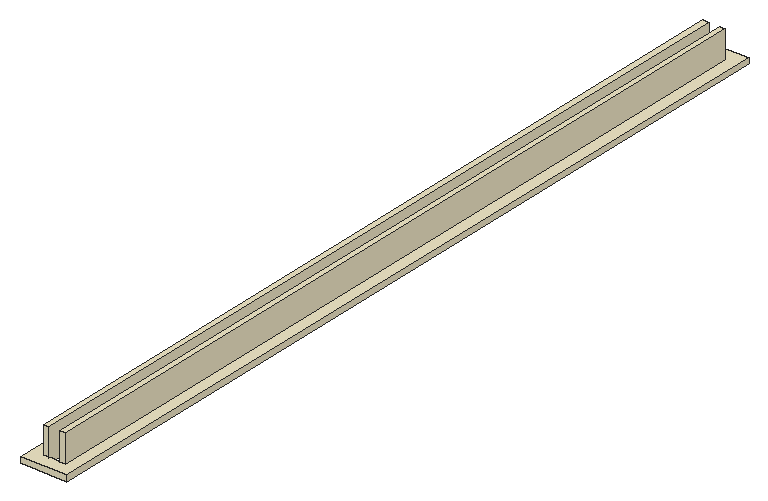
Revit family "1-Slot Diffuser(Return)", category Air Terminals, Revit 2013
Parameters
  Slot Width [instance] = 20 mm
  Slot Height [instance] = 50 mm
  Slot = Grille
  Plenum Length [instance] = 1500 mm
  Diffuser Service [instance] = "RLD1"
  Air Flow [instance] = 0.0 L/s
Reference planes
  plane 1 "Center (Front/Back)": y = 0
  plane 2: z = 0
  plane 3 "Center (Left/Right)": x = 0
  plane 4: z = 50
  plane 5 "Flexible-top": z = 300
  plane 6: x = -125
  plane 7 "Right": x = 125
  plane 8: x = -10
  plane 9: x = 10
  plane 10: x = 42.213
  plane 11: x = -42
  plane 12: x = -20
  plane 13: x = 20.05
  plane 14 "Plenum End": y = 750
  plane 15 "Plenum Start": y = -750
  plane 16: z = -10
  plane 17: z = 175
  plane 18: y = -775
  plane 19: y = 775
  plane 20: y = 400
  plane 21: y = -400
Forms (mm)
  Extrusion 1, solid, material "Grille"
    sketch origin (0, -750, 0) x (-1, 0, 0) y (0, 0, 1)
      loop
        line (42, -10) -> (42, 0) -> (20, 0) -> (20, 50) -> (10, 50) -> (10, -10) -> (42, -10)
      loop
        line (-10, 50) -> (-20.05, 50) -> (-20.05, 0) -> (-42.213, 0) -> (-42.213, -10) -> (-10, -10) -> (-10, 50)
    from 0 to 1500 <- "Plenum Length"
  Extrusion 2, solid, material "Grille"
    sketch origin (0, 0, 0) x (1, 0, 0) y (0, 1, 0)
      loop
        line (-42, -775) -> (42.213, -775) -> (42.213, -750) -> (-42, -750) -> (-42, -775)
    from 0 to -10
  Extrusion 3, solid, material "Grille"
    sketch origin (0, 0, 0) x (1, 0, 0) y (0, 1, 0)
      loop
        line (-42, 750) -> (42.213, 750) -> (42.213, 775) -> (-42, 775) -> (-42, 750)
    from 0 to -10
Cuts and joins
  joined: Extrusion 1, Extrusion 2, Extrusion 3
Lines and regions (mm)
  symbolic lines, style "DuctTerminal"
    curve 1: line (42.213, 750, 0) -> (42.213, -750, 0)
  model lines, style "DuctTerminal"
    curve 2: line (-42, 750, 0) -> (-42, -750, 0)
  symbolic lines
    curve 3: line (-42, 750, 0) -> (42.213, 750, 0)
    curve 4: line (-42, -750, 0) -> (42.213, -750, 0)
Dimensions and locks
  equal spacing: plane 7 "Right", plane 3 "Center (Left/Right)", plane 6
  plane 5 "Flexible-top" to plane 4 = 250 mm
  "Slot Height": plane 4 to level
  plane 7 "Right" to plane 6 = 250 mm
  equal spacing: plane 14 "Plenum End", plane 1 "Center (Front/Back)", plane 15 "Plenum Start"
  "Plenum Length": plane 14 "Plenum End" to plane 15 "Plenum Start"
  equal spacing: plane 9, plane 3 "Center (Left/Right)", plane 8
  "Slot Width": plane 9 to plane 8
  locked: plane 8 to plane 12 at 10
  locked: plane 13 to plane 9 at 10.05
  locked: plane 8 to plane 11 at 32
  locked: plane 10 to plane 9 at 32.213
  locked: level to plane 16 at 10
  equal spacing: plane 5 "Flexible-top", plane 17, plane 4
  locked: plane 19 to plane 14 "Plenum End" at 25
  locked: plane 15 "Plenum Start" to plane 18 at 25
  equal spacing: plane 20, plane 1 "Center (Front/Back)", plane 21
  aligned and locked: level to plane 2
Automatic sketch dimensions
  Extrusion 1 sketch curve to level = 0 mm  (x2)
  Extrusion 1 sketch curve to plane 10 = 0 mm
  Extrusion 1 sketch curve to plane 4 = 0 mm  (x2)
  Extrusion 1 sketch curve to plane 13 = 0 mm
  Extrusion 1 sketch curve to plane 9 = 0 mm
  Extrusion 1 sketch curve to plane 8 = 0 mm
  Extrusion 1 sketch curve to plane 12 = 0 mm
  Extrusion 1 sketch curve to plane 11 = 0 mm
  Extrusion 1 sketch curve to plane 16 = 0 mm  (x2)
  Extrusion 2 sketch curve to plane 11 = 0 mm
  Extrusion 2 sketch curve to plane 10 = 0 mm
  Extrusion 2 sketch curve to plane 18 = 0 mm
  Extrusion 2 sketch curve to plane 15 "Plenum Start" = 0 mm
  Extrusion 3 sketch curve to plane 11 = 0 mm
  Extrusion 3 sketch curve to plane 10 = 0 mm
  Extrusion 3 sketch curve to plane 14 "Plenum End" = 0 mm
  Extrusion 3 sketch curve to plane 19 = 0 mm
  curve 2 to plane 11 = 0 mm
  curve 1 to plane 10 = 0 mm
  curve 4 to plane 15 "Plenum Start" = 0 mm
  curve 3 to plane 14 "Plenum End" = 0 mm
